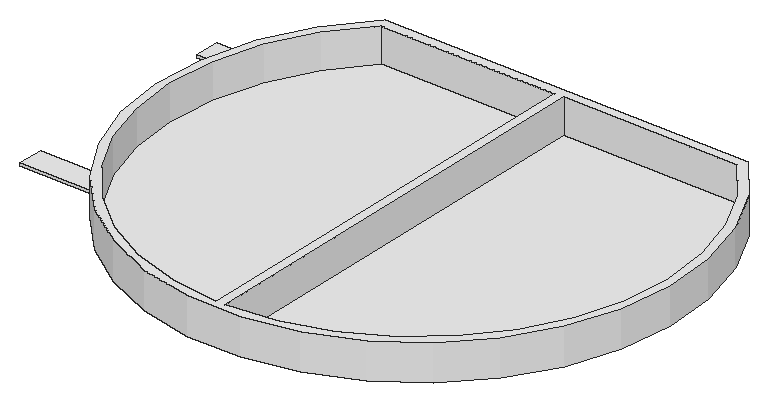
Revit family "Gate-Precision_Ladders-Security_Gate_For_Cage", category Specialty Equipment, host Face, Revit 2014 (continued)
Automatic sketch dimensions
  curve 28 to curve 18 = 0' - 0"
  curve 220 to curve 221 = 0' - 1"
  curve 215 to curve 221 = 0' - 0"
  curve 18 to curve 19 = 0' - 1"
  curve 208 to curve 215 = 0' - 0"
  curve 48 to curve 49 = 0' - 1"
  curve 198 to curve 199 = 0' - 1"
  curve 188 to curve 189 = 0' - 1"
  curve 68 to curve 69 = 0' - 1"
  curve 178 to curve 179 = 0' - 1"
  curve 79 to curve 69 = 0' - 0"
  curve 168 to curve 169 = 0' - 1"
  curve 159 to curve 169 = 0' - 0"
  curve 58 to curve 59 = 0' - 1"
  curve 38 to curve 39 = 0' - 1"
  curve 8 to curve 9 = 0' - 1"
  curve 149 to curve 159 = 0' - 0"
  curve 139 to curve 149 = 0' - 0"
  curve 129 to curve 139 = 0' - 0"
  curve 119 to plane 1 "Center (Front/Back)" = 0' - 0 1/2"
  curve 119 to curve 129 = 0' - 0"
  curve 109 to curve 119 = 0' - 0"
  curve 99 to curve 109 = 0' - 0"
  curve 89 to curve 79 = 0' - 0"
  curve 28 to curve 29 = 0' - 1"
  curve 225 to curve 221 = 0' - 0"
  curve 29 to curve 30 = 0' - 1"
  curve 40 to curve 30 = 0' - 0"
  curve 50 to curve 40 = 0' - 0"
  curve 225 to curve 226 = 0' - 1"
  curve 221 to curve 222 = 0' - 1"
  curve 216 to curve 222 = 0' - 0"
  curve 20 to curve 30 = 0' - 0"
  curve 209 to curve 216 = 0' - 0"
  curve 200 to curve 209 = 0' - 0"
  curve 190 to curve 200 = 0' - 0"
  curve 180 to curve 190 = 0' - 0"
  curve 170 to curve 180 = 0' - 0"
  curve 79 to curve 80 = 0' - 1"
  curve 159 to curve 160 = 0' - 1"
  curve 70 to curve 80 = 0' - 0"
  curve 10 to curve 20 = 0' - 0"
  curve 149 to curve 150 = 0' - 1"
  curve 60 to curve 50 = 0' - 0"
  curve 139 to curve 140 = 0' - 1"
  curve 129 to curve 130 = 0' - 1"
  curve 120 to plane 1 "Center (Front/Back)" = 0' - 0 1/2"
  curve 119 to curve 120 = 0' - 1"
  curve 110 to curve 120 = 0' - 0"
  curve 100 to curve 110 = 0' - 0"
  curve 90 to curve 80 = 0' - 0"
  curve 222 to curve 496 = 0' - 2 1/2"
  curve 490 to curve 496 = 0' - 0"
  curve 483 to curve 490 = 0' - 0"
  curve 474 to curve 483 = 0' - 0"
  curve 464 to curve 474 = 0' - 0"
  curve 454 to curve 464 = 0' - 0"
  curve 444 to curve 454 = 0' - 0"
  curve 434 to curve 444 = 0' - 0"
  curve 424 to curve 434 = 0' - 0"
  plane 6 to curve 284 = 0' - 1"
  curve 10 to curve 284 = 0' - 2 1/2"
  curve 500 to curve 496 = 0' - 0"
  curve 414 to curve 424 = 0' - 0"
  curve 404 to curve 414 = 0' - 0"
  curve 394 to plane 1 "Center (Front/Back)" = 0' - 0 1/2"
  curve 394 to curve 404 = 0' - 0"
  curve 384 to curve 394 = 0' - 0"
  curve 374 to curve 384 = 0' - 0"
  curve 364 to curve 374 = 0' - 0"
  curve 354 to curve 364 = 0' - 0"
  curve 344 to curve 354 = 0' - 0"
  curve 294 to curve 284 = 0' - 0"
  curve 334 to curve 344 = 0' - 0"
  curve 324 to curve 334 = 0' - 0"
  curve 314 to curve 324 = 0' - 0"
  curve 304 to curve 294 = 0' - 0"
  curve 324 to curve 323 = 0' - 1"
  curve 454 to curve 453 = 0' - 1"
  curve 434 to curve 433 = 0' - 1"
  curve 294 to curve 293 = 0' - 1"
  curve 303 to curve 293 = 0' - 0"
  curve 500 to curve 499 = 0' - 1"
  curve 344 to curve 343 = 0' - 1"
  curve 364 to curve 363 = 0' - 1"
  curve 496 to curve 495 = 0' - 1"
  curve 404 to curve 403 = 0' - 1"
  curve 423 to curve 433 = 0' - 0"
  curve 393 to plane 1 "Center (Front/Back)" = 0' - 0 1/2"
  curve 394 to curve 393 = 0' - 1"
  curve 374 to curve 373 = 0' - 1"
  curve 474 to curve 473 = 0' - 1"
  curve 313 to curve 303 = 0' - 0"
  curve 333 to curve 323 = 0' - 0"
  curve 353 to curve 343 = 0' - 0"
  curve 414 to curve 413 = 0' - 1"
  curve 490 to curve 489 = 0' - 1"
  curve 384 to curve 383 = 0' - 1"
  curve 482 to curve 473 = 0' - 0"
  curve 443 to curve 433 = 0' - 0"
  curve 463 to curve 453 = 0' - 0"
  curve 283 to curve 293 = 0' - 0"
  curve 323 to curve 322 = 0' - 1"
  curve 463 to curve 462 = 0' - 1"
  curve 443 to curve 442 = 0' - 1"
  curve 293 to curve 292 = 0' - 1"
  curve 413 to curve 412 = 0' - 1"
  curve 482 to curve 481 = 0' - 1"
  curve 283 to curve 282 = 0' - 1"
  curve 488 to curve 481 = 0' - 0"
  curve 433 to curve 432 = 0' - 1"
  curve 332 to curve 322 = 0' - 0"
  curve 402 to curve 412 = 0' - 0"
  curve 453 to curve 452 = 0' - 1"
  curve 383 to curve 382 = 0' - 1"
  curve 423 to curve 422 = 0' - 1"
  curve 313 to curve 312 = 0' - 1"
  curve 473 to curve 472 = 0' - 1"
  curve 363 to curve 362 = 0' - 1"
  curve 352 to curve 362 = 0' - 0"
  curve 494 to curve 488 = 0' - 0"
  curve 342 to curve 352 = 0' - 0"
  curve 498 to curve 494 = 0' - 0"
  curve 303 to curve 302 = 0' - 1"
  curve 372 to curve 362 = 0' - 0"
  curve 392 to plane 1 "Center (Front/Back)" = 0' - 0 1/2"
  curve 392 to curve 382 = 0' - 0"
  curve 462 to curve 461 = 0' - 1"
  curve 471 to curve 461 = 0' - 0"
  curve 342 to curve 341 = 0' - 1"
  curve 282 to curve 281 = 0' - 1"
  curve 352 to curve 351 = 0' - 1"
  curve 382 to curve 381 = 0' - 1"
  curve 332 to curve 331 = 0' - 1"
  curve 412 to curve 411 = 0' - 1"
  curve 488 to curve 487 = 0' - 1"
  curve 322 to curve 321 = 0' - 1"
  curve 442 to curve 441 = 0' - 1"
  curve 451 to curve 441 = 0' - 0"
  curve 493 to curve 487 = 0' - 0"
  curve 311 to curve 321 = 0' - 0"
  curve 362 to curve 361 = 0' - 1"
  curve 421 to curve 411 = 0' - 0"
  curve 497 to curve 493 = 0' - 0"
  curve 291 to curve 281 = 0' - 0"
  curve 401 to curve 411 = 0' - 0"
  curve 301 to curve 291 = 0' - 0"
  curve 391 to plane 1 "Center (Front/Back)" = 0' - 0 1/2"
  curve 391 to curve 381 = 0' - 0"
  curve 481 to curve 480 = 0' - 1"
  curve 431 to curve 441 = 0' - 0"
  curve 372 to curve 371 = 0' - 1"
  curve 371 to curve 370 = 0' - 1"
  curve 281 to curve 280 = 0' - 1"
  curve 360 to curve 370 = 0' - 0"
  curve 290 to curve 280 = 0' - 0"
  curve 461 to curve 460 = 0' - 1"
  curve 450 to curve 460 = 0' - 0"
  curve 401 to curve 400 = 0' - 1"
  curve 350 to curve 360 = 0' - 0"
  curve 431 to curve 430 = 0' - 1"
  curve 381 to curve 380 = 0' - 1"
  curve 340 to curve 350 = 0' - 0"
  curve 480 to curve 479 = 0' - 1"
  curve 330 to curve 340 = 0' - 0"
  curve 411 to curve 410 = 0' - 1"
  curve 487 to curve 486 = 0' - 1"
  curve 320 to curve 330 = 0' - 0"
  curve 493 to curve 492 = 0' - 1"
  curve 440 to curve 430 = 0' - 0"
  curve 310 to curve 320 = 0' - 0"
  curve 390 to plane 1 "Center (Front/Back)" = 0' - 0 1/2"
  curve 391 to curve 390 = 0' - 1"
  curve 300 to curve 290 = 0' - 0"
  curve 470 to curve 479 = 0' - 0"
  curve 420 to curve 410 = 0' - 0"
  curve 440 to curve 439 = 0' - 1"
  curve 290 to curve 289 = 0' - 1"
  curve 380 to curve 379 = 0' - 1"
  curve 450 to curve 449 = 0' - 1"
  curve 369 to curve 379 = 0' - 0"
  curve 400 to curve 399 = 0' - 1"
  curve 300 to curve 299 = 0' - 1"
  curve 460 to curve 459 = 0' - 1"
  curve 359 to curve 369 = 0' - 0"
  curve 349 to curve 359 = 0' - 0"
  curve 280 to curve 279 = 0' - 1"
  curve 430 to curve 429 = 0' - 1"
  curve 470 to curve 469 = 0' - 1"
  curve 339 to curve 349 = 0' - 0"
  curve 478 to curve 469 = 0' - 0"
  curve 409 to curve 399 = 0' - 0"
  curve 329 to curve 339 = 0' - 0"
  curve 485 to curve 478 = 0' - 0"
  curve 320 to curve 319 = 0' - 1"
  curve 491 to curve 485 = 0' - 0"
  curve 310 to curve 309 = 0' - 1"
  curve 389 to plane 1 "Center (Front/Back)" = 0' - 0 1/2"
  curve 389 to curve 379 = 0' - 0"
  curve 420 to curve 419 = 0' - 1"
  curve 459 to curve 458 = 0' - 1"
  curve 419 to curve 418 = 0' - 1"
  curve 309 to curve 308 = 0' - 1"
  curve 318 to curve 308 = 0' - 0"
  curve 485 to curve 484 = 0' - 1"
  curve 408 to curve 418 = 0' - 0"
  curve 329 to curve 328 = 0' - 1"
  curve 478 to curve 477 = 0' - 1"
  curve 279 to curve 278 = 0' - 1"
  curve 339 to curve 338 = 0' - 1"
  curve 468 to curve 477 = 0' - 0"
  curve 428 to curve 418 = 0' - 0"
  curve 349 to curve 348 = 0' - 1"
  curve 359 to curve 358 = 0' - 1"
  curve 398 to curve 408 = 0' - 0"
  curve 298 to curve 308 = 0' - 0"
  curve 369 to curve 368 = 0' - 1"
  curve 448 to curve 458 = 0' - 0"
  curve 378 to curve 368 = 0' - 0"
  curve 388 to plane 1 "Center (Front/Back)" = 0' - 0 1/2"
  curve 388 to curve 378 = 0' - 0"
  curve 288 to curve 278 = 0' - 0"
  curve 438 to curve 428 = 0' - 0"
  curve 438 to curve 437 = 0' - 1"
  curve 308 to curve 307 = 0' - 1"
  curve 387 to plane 1 "Center (Front/Back)" = 0' - 0 1/2"
  curve 388 to curve 387 = 0' - 1"
  curve 297 to curve 307 = 0' - 0"
  curve 317 to curve 307 = 0' - 0"
  curve 278 to curve 277 = 0' - 1"
  curve 327 to curve 317 = 0' - 0"
  curve 408 to curve 407 = 0' - 1"
  curve 447 to curve 437 = 0' - 0"
  curve 477 to curve 476 = 0' - 1"
  curve 378 to curve 377 = 0' - 1"
  curve 337 to curve 327 = 0' - 0"
  curve 347 to curve 337 = 0' - 0"
  curve 427 to curve 437 = 0' - 0"
  curve 367 to curve 377 = 0' - 0"
  curve 467 to curve 476 = 0' - 0"
  curve 357 to curve 347 = 0' - 0"
  curve 287 to curve 277 = 0' - 0"
  curve 457 to curve 447 = 0' - 0"
  curve 398 to curve 397 = 0' - 1"
  curve 418 to curve 417 = 0' - 1"
  curve 457 to curve 456 = 0' - 1"
  curve 437 to curve 436 = 0' - 1"
  curve 357 to curve 356 = 0' - 1"
  curve 417 to curve 416 = 0' - 1"
  curve 386 to plane 1 "Center (Front/Back)" = 0' - 0 1/2"
  curve 387 to curve 386 = 0' - 1"
  curve 317 to curve 316 = 0' - 1"
  curve 467 to curve 466 = 0' - 1"
  curve 366 to curve 356 = 0' - 0"
  curve 396 to curve 386 = 0' - 0"
  curve 277 to curve 276 = 0' - 1"
  curve 346 to curve 356 = 0' - 0"
  curve 297 to curve 296 = 0' - 1"
  curve 427 to curve 426 = 0' - 1"
  curve 376 to curve 386 = 0' - 0"
  curve 326 to curve 316 = 0' - 0"
  curve 476 to curve 475 = 0' - 1"
  curve 287 to curve 286 = 0' - 1"
  curve 406 to curve 396 = 0' - 0"
  curve 336 to curve 346 = 0' - 0"
  curve 447 to curve 446 = 0' - 1"
  curve 307 to curve 306 = 0' - 1"
  curve 336 to curve 335 = 0' - 1"
  curve 446 to curve 445 = 0' - 1"
  curve 435 to curve 445 = 0' - 0"
  curve 396 to curve 395 = 0' - 1"
  curve 425 to curve 435 = 0' - 0"
  curve 326 to curve 325 = 0' - 1"
  curve 346 to curve 345 = 0' - 1"
  curve 415 to curve 425 = 0' - 0"
  curve 385 to plane 1 "Center (Front/Back)" = 0' - 0 1/2"
  curve 386 to curve 385 = 0' - 1"
  curve 376 to curve 375 = 0' - 1"
  curve 466 to curve 465 = 0' - 1"
  curve 315 to curve 325 = 0' - 0"
  curve 405 to curve 395 = 0' - 0"
  curve 356 to curve 355 = 0' - 1"
  curve 455 to curve 445 = 0' - 0"
  curve 276 to curve 275 = 0' - 1"
  curve 296 to curve 295 = 0' - 1"
  curve 305 to curve 295 = 0' - 0"
  curve 366 to curve 365 = 0' - 1"
  curve 285 to curve 275 = 0' - 0"
  curve 285 to curve 501 = 0' - 1"
  curve 405 to curve 535 = 0' - 1"
  curve 503 to curve 501 = 0' - 0"
  curve 529 to plane 1 "Center (Front/Back)" = 0' - 0 1/2"
  curve 385 to curve 529 = 0' - 1"
  curve 505 to curve 503 = 0' - 0"
  curve 455 to curve 544 = 0' - 1"
  curve 526 to curve 529 = 0' - 0"
  curve 508 to curve 505 = 0' - 0"
  curve 543 to curve 544 = 0' - 0"
  curve 415 to curve 538 = 0' - 1"
  curve 511 to curve 508 = 0' - 0"
  curve 542 to curve 543 = 0' - 0"
  curve 523 to curve 526 = 0' - 0"
  curve 514 to curve 511 = 0' - 0"
  curve 520 to curve 523 = 0' - 0"
  curve 425 to curve 540 = 0' - 1"
  curve 517 to curve 514 = 0' - 0"
  curve 395 to curve 532 = 0' - 1"
  curve 520 to curve 519 = 0' - 1"
  curve 542 to curve 541 = 0' - 1"
  curve 539 to curve 541 = 0' - 0"
  curve 522 to curve 519 = 0' - 0"
  curve 514 to curve 513 = 0' - 1"
  curve 511 to curve 510 = 0' - 1"
  curve 525 to curve 522 = 0' - 0"
  curve 508 to curve 507 = 0' - 1"
  curve 537 to curve 539 = 0' - 0"
  curve 528 to plane 1 "Center (Front/Back)" = 0' - 0 1/2"
  curve 528 to curve 525 = 0' - 0"
  curve 505 to curve 504 = 0' - 1"
  curve 503 to curve 502 = 0' - 1"
  curve 531 to curve 528 = 0' - 0"
  curve 516 to curve 513 = 0' - 0"
  curve 534 to curve 531 = 0' - 0"
  curve 534 to curve 533 = 0' - 1"
  curve 531 to curve 530 = 0' - 1"
  curve 536 to curve 533 = 0' - 0"
  curve 527 to plane 1 "Center (Front/Back)" = 0' - 0 1/2"
  curve 528 to curve 527 = 0' - 1"
  curve 525 to curve 524 = 0' - 1"
  curve 522 to curve 521 = 0' - 1"
  curve 519 to curve 518 = 0' - 1"
  curve 516 to curve 515 = 0' - 1"
  curve 513 to curve 512 = 0' - 1"
  curve 509 to curve 512 = 0' - 0"
  curve 506 to curve 509 = 0' - 0"
  curve 521 to curve 546 = 0' - 1"
  curve 547 to curve 546 = 0' - 0"
  curve 548 to plane 1 "Center (Front/Back)" = 0' - 0 1/2"
  curve 548 to curve 547 = 0' - 0"
  curve 545 to curve 546 = 0' - 0"
  plane 1 "Center (Front/Back)" to curve 532 = 0' - 0 1/2"
  plane 1 "Center (Front/Back)" to curve 395 = 0' - 0 1/2"
  plane 1 "Center (Front/Back)" to curve 396 = 0' - 0 1/2"
  plane 1 "Center (Front/Back)" to curve 397 = 0' - 0 1/2"
  plane 1 "Center (Front/Back)" to curve 398 = 0' - 0 1/2"
  plane 1 "Center (Front/Back)" to curve 399 = 0' - 0 1/2"
  plane 1 "Center (Front/Back)" to curve 400 = 0' - 0 1/2"
  plane 1 "Center (Front/Back)" to curve 401 = 0' - 0 1/2"
  plane 1 "Center (Front/Back)" to curve 402 = 0' - 0 1/2"
  plane 1 "Center (Front/Back)" to curve 403 = 0' - 0 1/2"
  plane 1 "Center (Front/Back)" to curve 404 = 0' - 0 1/2"
  plane 1 "Center (Front/Back)" to curve 256 = 0' - 0 1/2"
  plane 1 "Center (Front/Back)" to curve 257 = 0' - 0 1/2"
  plane 1 "Center (Front/Back)" to curve 258 = 0' - 0 1/2"
  plane 1 "Center (Front/Back)" to curve 530 = 0' - 0 1/2"
  plane 1 "Center (Front/Back)" to curve 531 = 0' - 0 1/2"
  plane 1 "Center (Front/Back)" to curve 121 = 0' - 0 1/2"
  plane 1 "Center (Front/Back)" to curve 122 = 0' - 0 1/2"
  plane 1 "Center (Front/Back)" to curve 123 = 0' - 0 1/2"
  plane 1 "Center (Front/Back)" to curve 124 = 0' - 0 1/2"
  plane 1 "Center (Front/Back)" to curve 125 = 0' - 0 1/2"
  plane 1 "Center (Front/Back)" to curve 126 = 0' - 0 1/2"
  plane 1 "Center (Front/Back)" to curve 127 = 0' - 0 1/2"
  plane 1 "Center (Front/Back)" to curve 128 = 0' - 0 1/2"
  plane 1 "Center (Front/Back)" to curve 129 = 0' - 0 1/2"
  plane 1 "Center (Front/Back)" to curve 130 = 0' - 0 1/2"
  curve 411 to curve 401 = 0' - 1"
  curve 259 to curve 256 = 0' - 1"
  curve 140 to curve 130 = 0' - 1"
  curve 139 to curve 140 = 0' - 0"
  curve 138 to curve 128 = 0' - 1"
  curve 137 to curve 127 = 0' - 1"
  curve 136 to curve 137 = 0' - 0"
  curve 135 to curve 125 = 0' - 1"
  curve 134 to curve 124 = 0' - 1"
  curve 535 to curve 532 = 0' - 1"
  curve 534 to curve 531 = 0' - 1"
  curve 533 to curve 530 = 0' - 1"
  curve 133 to curve 134 = 0' - 0"
  curve 132 to curve 122 = 0' - 1"
  curve 131 to curve 121 = 0' - 1"
  curve 409 to curve 399 = 0' - 1"
  curve 408 to curve 398 = 0' - 1"
  curve 408 to curve 407 = 0' - 0"
  curve 414 to curve 404 = 0' - 1"
  curve 414 to curve 413 = 0' - 0"
  curve 412 to curve 402 = 0' - 1"
  curve 411 to curve 410 = 0' - 0"
  curve 406 to curve 396 = 0' - 1"
  curve 405 to curve 535 = 0' - 0"
  curve 261 to curve 131 = 0' - 0"
  curve 260 to curve 257 = 0' - 1"
  curve 424 to curve 414 = 0' - 1"
  curve 262 to curve 259 = 0' - 1"
  curve 263 to curve 260 = 0' - 1"
  curve 264 to curve 261 = 0' - 1"
  curve 415 to curve 405 = 0' - 1"
  curve 416 to curve 406 = 0' - 1"
  curve 417 to curve 407 = 0' - 1"
  curve 418 to curve 417 = 0' - 0"
  curve 419 to curve 409 = 0' - 1"
  curve 536 to curve 533 = 0' - 1"
  curve 537 to curve 534 = 0' - 1"
  curve 415 to curve 538 = 0' - 0"
  curve 420 to curve 419 = 0' - 0"
  curve 421 to curve 411 = 0' - 1"
  curve 422 to curve 412 = 0' - 1"
  curve 423 to curve 422 = 0' - 0"
  curve 264 to curve 141 = 0' - 0"
  curve 142 to curve 132 = 0' - 1"
  curve 143 to curve 133 = 0' - 1"
  curve 143 to curve 144 = 0' - 0"
  curve 145 to curve 135 = 0' - 1"
  curve 146 to curve 136 = 0' - 1"
  curve 146 to curve 147 = 0' - 0"
  curve 148 to curve 138 = 0' - 1"
  curve 149 to curve 139 = 0' - 1"
  curve 149 to curve 150 = 0' - 0"
  curve 425 to curve 415 = 0' - 1"
  curve 425 to curve 540 = 0' - 0"
  curve 539 to curve 537 = 0' - 1"
  curve 266 to curve 264 = 0' - 1"
  curve 160 to curve 150 = 0' - 1"
  curve 159 to curve 160 = 0' - 0"
  curve 158 to curve 148 = 0' - 1"
  curve 157 to curve 147 = 0' - 1"
  curve 156 to curve 157 = 0' - 0"
  curve 155 to curve 145 = 0' - 1"
  curve 154 to curve 144 = 0' - 1"
  curve 153 to curve 154 = 0' - 0"
  curve 152 to curve 142 = 0' - 1"
  curve 266 to curve 151 = 0' - 0"
  curve 265 to curve 263 = 0' - 1"
  curve 426 to curve 416 = 0' - 1"
  curve 427 to curve 426 = 0' - 0"
  curve 428 to curve 418 = 0' - 1"
  curve 429 to curve 419 = 0' - 1"
  curve 430 to curve 429 = 0' - 0"
  curve 431 to curve 421 = 0' - 1"
  curve 432 to curve 422 = 0' - 1"
  curve 433 to curve 432 = 0' - 0"
  curve 434 to curve 424 = 0' - 1"
  curve 436 to curve 426 = 0' - 1"
  curve 444 to curve 434 = 0' - 1"
  curve 542 to curve 540 = 0' - 1"
  curve 542 to curve 541 = 0' - 0"
  curve 163 to curve 153 = 0' - 1"
  curve 162 to curve 152 = 0' - 1"
  curve 437 to curve 436 = 0' - 0"
  curve 438 to curve 428 = 0' - 1"
  curve 439 to curve 429 = 0' - 1"
  curve 440 to curve 439 = 0' - 0"
  curve 163 to curve 164 = 0' - 0"
  curve 435 to curve 425 = 0' - 1"
  curve 268 to curve 266 = 0' - 1"
  curve 267 to curve 265 = 0' - 1"
  curve 268 to curve 161 = 0' - 0"
  curve 165 to curve 155 = 0' - 1"
  curve 170 to curve 160 = 0' - 1"
  curve 169 to curve 159 = 0' - 1"
  curve 168 to curve 169 = 0' - 0"
  curve 167 to curve 157 = 0' - 1"
  curve 441 to curve 431 = 0' - 1"
  curve 442 to curve 432 = 0' - 1"
  curve 443 to curve 442 = 0' - 0"
  curve 166 to curve 167 = 0' - 0"
  curve 445 to curve 435 = 0' - 1"
  curve 446 to curve 436 = 0' - 1"
  curve 447 to curve 446 = 0' - 0"
  curve 448 to curve 438 = 0' - 1"
  curve 449 to curve 439 = 0' - 1"
  curve 450 to curve 449 = 0' - 0"
  curve 451 to curve 441 = 0' - 1"
  curve 176 to curve 166 = 0' - 1"
  curve 452 to curve 442 = 0' - 1"
  curve 453 to curve 452 = 0' - 0"
  curve 454 to curve 444 = 0' - 1"
  curve 171 to curve 161 = 0' - 1"
  curve 172 to curve 162 = 0' - 1"
  curve 173 to curve 163 = 0' - 1"
  curve 173 to curve 174 = 0' - 0"
  curve 269 to curve 171 = 0' - 0"
  curve 180 to curve 170 = 0' - 1"
  curve 179 to curve 169 = 0' - 1"
  curve 178 to curve 179 = 0' - 0"
  curve 177 to curve 167 = 0' - 1"
  curve 543 to curve 542 = 0' - 1"
  curve 175 to curve 176 = 0' - 0"
  curve 270 to curve 269 = 0' - 1"
  curve 456 to curve 446 = 0' - 1"
  curve 544 to curve 543 = 0' - 1"
  curve 464 to curve 454 = 0' - 1"
  curve 463 to curve 453 = 0' - 1"
  curve 463 to curve 462 = 0' - 0"
  curve 461 to curve 451 = 0' - 1"
  curve 460 to curve 450 = 0' - 1"
  curve 460 to curve 459 = 0' - 0"
  curve 458 to curve 448 = 0' - 1"
  curve 457 to curve 456 = 0' - 0"
  curve 270 to curve 181 = 0' - 0"
  curve 182 to curve 172 = 0' - 1"
  curve 182 to curve 183 = 0' - 0"
  curve 184 to curve 174 = 0' - 1"
  curve 185 to curve 175 = 0' - 1"
  curve 185 to curve 186 = 0' - 0"
  curve 187 to curve 177 = 0' - 1"
  curve 188 to curve 178 = 0' - 1"
  curve 188 to curve 189 = 0' - 0"
  curve 190 to curve 180 = 0' - 1"
  curve 455 to curve 445 = 0' - 1"
  curve 192 to curve 182 = 0' - 1"
  curve 192 to curve 193 = 0' - 0"
  curve 194 to curve 184 = 0' - 1"
  curve 195 to curve 185 = 0' - 1"
  curve 195 to curve 196 = 0' - 0"
  curve 197 to curve 187 = 0' - 1"
  curve 198 to curve 188 = 0' - 1"
  curve 191 to curve 181 = 0' - 1"
  curve 473 to curve 463 = 0' - 1"
  curve 198 to curve 199 = 0' - 0"
  curve 471 to curve 461 = 0' - 1"
  curve 200 to curve 190 = 0' - 1"
  curve 474 to curve 464 = 0' - 1"
  curve 473 to curve 472 = 0' - 0"
  curve 470 to curve 460 = 0' - 1"
  curve 470 to curve 469 = 0' - 0"
  curve 468 to curve 458 = 0' - 1"
  curve 465 to curve 455 = 0' - 1"
  curve 466 to curve 456 = 0' - 1"
  curve 467 to curve 466 = 0' - 0"
  curve 209 to curve 200 = 0' - 1"
  curve 208 to curve 199 = 0' - 1"
  curve 207 to curve 198 = 0' - 1"
  curve 203 to curve 194 = 0' - 1"
  curve 206 to curve 207 = 0' - 0"
  curve 201 to curve 192 = 0' - 1"
  curve 205 to curve 196 = 0' - 1"
  curve 475 to curve 466 = 0' - 1"
  curve 476 to curve 475 = 0' - 0"
  curve 477 to curve 468 = 0' - 1"
  curve 478 to curve 477 = 0' - 0"
  curve 479 to curve 470 = 0' - 1"
  curve 480 to curve 471 = 0' - 1"
  curve 481 to curve 480 = 0' - 0"
  curve 482 to curve 473 = 0' - 1"
  curve 483 to curve 474 = 0' - 1"
  curve 203 to curve 204 = 0' - 0"
  curve 201 to curve 202 = 0' - 0"
  curve 486 to curve 479 = 0' - 1"
  curve 487 to curve 486 = 0' - 0"
  curve 488 to curve 481 = 0' - 1"
  curve 489 to curve 482 = 0' - 1"
  curve 490 to curve 489 = 0' - 0"
  curve 485 to curve 478 = 0' - 1"
  curve 215 to curve 208 = 0' - 1"
  curve 214 to curve 207 = 0' - 1"
  curve 213 to curve 214 = 0' - 0"
  curve 212 to curve 205 = 0' - 1"
  curve 211 to curve 204 = 0' - 1"
  curve 210 to curve 211 = 0' - 0"
  curve 216 to curve 209 = 0' - 1"
  curve 484 to curve 477 = 0' - 1"
  curve 491 to curve 485 = 0' - 1"
  curve 496 to curve 490 = 0' - 1"
  curve 492 to curve 486 = 0' - 1"
  curve 493 to curve 492 = 0' - 0"
  curve 217 to curve 211 = 0' - 1"
  curve 218 to curve 212 = 0' - 1"
  curve 219 to curve 213 = 0' - 1"
  curve 219 to curve 220 = 0' - 0"
  curve 221 to curve 215 = 0' - 1"
  curve 221 to curve 222 = 0' - 0"
  curve 494 to curve 488 = 0' - 1"
  curve 496 to curve 495 = 0' - 0"
  curve 500 to curve 496 = 0' - 1"
  curve 497 to curve 493 = 0' - 1"
  curve 224 to curve 220 = 0' - 1"
  curve 223 to curve 224 = 0' - 0"
  curve 498 to curve 494 = 0' - 1"
  curve 500 to curve 499 = 0' - 0"
  curve 225 to curve 221 = 0' - 1"
  curve 226 to curve 222 = 0' - 1"
  curve 548 to curve 547 = 0' - 1"
  curve 385 to curve 375 = 0' - 1"
  curve 274 to curve 273 = 0' - 1"
  curve 255 to curve 252 = 0' - 1"
  curve 376 to curve 375 = 0' - 0"
  curve 387 to curve 377 = 0' - 1"
  curve 529 to curve 526 = 0' - 1"
  curve 528 to curve 525 = 0' - 1"
  curve 525 to curve 524 = 0' - 0"
  curve 378 to curve 377 = 0' - 0"
  curve 389 to curve 379 = 0' - 1"
  curve 390 to curve 380 = 0' - 1"
  curve 381 to curve 380 = 0' - 0"
  curve 392 to curve 382 = 0' - 1"
  curve 393 to curve 383 = 0' - 1"
  curve 384 to curve 383 = 0' - 0"
  curve 254 to curve 251 = 0' - 1"
  curve 250 to curve 251 = 0' - 0"
  curve 120 to curve 110 = 0' - 1"
  curve 119 to curve 109 = 0' - 1"
  curve 118 to curve 108 = 0' - 1"
  curve 107 to curve 108 = 0' - 0"
  curve 116 to curve 106 = 0' - 1"
  curve 115 to curve 105 = 0' - 1"
  curve 104 to curve 105 = 0' - 0"
  curve 113 to curve 103 = 0' - 1"
  curve 112 to curve 102 = 0' - 1"
  curve 101 to curve 102 = 0' - 0"
  curve 104 to curve 94 = 0' - 1"
  curve 94 to curve 95 = 0' - 0"
  curve 106 to curve 96 = 0' - 1"
  curve 107 to curve 97 = 0' - 1"
  curve 97 to curve 98 = 0' - 0"
  curve 109 to curve 99 = 0' - 1"
  curve 110 to curve 100 = 0' - 1"
  curve 103 to curve 93 = 0' - 1"
  curve 102 to curve 92 = 0' - 1"
  curve 91 to curve 92 = 0' - 0"
  curve 376 to curve 366 = 0' - 1"
  curve 377 to curve 367 = 0' - 1"
  curve 378 to curve 368 = 0' - 1"
  curve 369 to curve 368 = 0' - 0"
  curve 380 to curve 370 = 0' - 1"
  curve 381 to curve 371 = 0' - 1"
  curve 372 to curve 371 = 0' - 0"
  curve 383 to curve 373 = 0' - 1"
  curve 374 to curve 373 = 0' - 0"
  curve 273 to curve 272 = 0' - 1"
  curve 547 to curve 546 = 0' - 1"
  curve 250 to curve 247 = 0' - 1"
  curve 251 to curve 248 = 0' - 1"
  curve 248 to curve 249 = 0' - 0"
  curve 526 to curve 523 = 0' - 1"
  curve 525 to curve 522 = 0' - 1"
  curve 522 to curve 521 = 0' - 0"
  curve 366 to curve 365 = 0' - 0"
  curve 522 to curve 519 = 0' - 1"
  curve 523 to curve 520 = 0' - 1"
  curve 91 to curve 81 = 0' - 1"
  curve 81 to curve 82 = 0' - 0"
  curve 93 to curve 83 = 0' - 1"
  curve 546 to curve 545 = 0' - 1"
  curve 249 to curve 246 = 0' - 1"
  curve 245 to curve 246 = 0' - 0"
  curve 247 to curve 244 = 0' - 1"
  curve 272 to curve 271 = 0' - 1"
  curve 94 to curve 84 = 0' - 1"
  curve 84 to curve 85 = 0' - 0"
  curve 96 to curve 86 = 0' - 1"
  curve 97 to curve 87 = 0' - 1"
  curve 87 to curve 88 = 0' - 0"
  curve 99 to curve 89 = 0' - 1"
  curve 100 to curve 90 = 0' - 1"
  curve 519 to curve 518 = 0' - 0"
  curve 374 to curve 364 = 0' - 1"
  curve 373 to curve 363 = 0' - 1"
  curve 372 to curve 362 = 0' - 1"
  curve 362 to curve 361 = 0' - 0"
  curve 370 to curve 360 = 0' - 1"
  curve 369 to curve 359 = 0' - 1"
  curve 359 to curve 358 = 0' - 0"
  curve 367 to curve 357 = 0' - 1"
  curve 366 to curve 356 = 0' - 1"
  curve 356 to curve 355 = 0' - 0"
  curve 364 to curve 354 = 0' - 1"
  curve 363 to curve 353 = 0' - 1"
  curve 362 to curve 352 = 0' - 1"
  curve 352 to curve 351 = 0' - 0"
  curve 360 to curve 350 = 0' - 1"
  curve 359 to curve 349 = 0' - 1"
  curve 349 to curve 348 = 0' - 0"
  curve 357 to curve 347 = 0' - 1"
  curve 356 to curve 346 = 0' - 1"
  curve 346 to curve 345 = 0' - 0"
  curve 89 to curve 79 = 0' - 1"
  curve 88 to curve 78 = 0' - 1"
  curve 77 to curve 78 = 0' - 0"
  curve 86 to curve 76 = 0' - 1"
  curve 75 to curve 76 = 0' - 0"
  curve 84 to curve 74 = 0' - 1"
  curve 83 to curve 73 = 0' - 1"
  curve 244 to curve 241 = 0' - 1"
  curve 245 to curve 242 = 0' - 1"
  curve 242 to curve 243 = 0' - 0"
  curve 520 to curve 517 = 0' - 1"
  curve 519 to curve 516 = 0' - 1"
  curve 516 to curve 515 = 0' - 0"
  curve 72 to curve 73 = 0' - 0"
  curve 81 to curve 71 = 0' - 1"
  curve 90 to curve 80 = 0' - 1"
  curve 515 to curve 512 = 0' - 1"
  curve 72 to curve 62 = 0' - 1"
  curve 62 to curve 63 = 0' - 0"
  curve 74 to curve 64 = 0' - 1"
  curve 75 to curve 65 = 0' - 1"
  curve 65 to curve 66 = 0' - 0"
  curve 77 to curve 67 = 0' - 1"
  curve 78 to curve 68 = 0' - 1"
  curve 68 to curve 69 = 0' - 0"
  curve 80 to curve 70 = 0' - 1"
  curve 513 to curve 512 = 0' - 0"
  curve 517 to curve 514 = 0' - 1"
  curve 345 to curve 335 = 0' - 1"
  curve 336 to curve 335 = 0' - 0"
  curve 347 to curve 337 = 0' - 1"
  curve 243 to curve 240 = 0' - 1"
  curve 239 to curve 240 = 0' - 0"
  curve 241 to curve 238 = 0' - 1"
  curve 348 to curve 338 = 0' - 1"
  curve 339 to curve 338 = 0' - 0"
  curve 350 to curve 340 = 0' - 1"
  curve 351 to curve 341 = 0' - 1"
  curve 342 to curve 341 = 0' - 0"
  curve 353 to curve 343 = 0' - 1"
  curve 354 to curve 344 = 0' - 1"
  curve 71 to curve 61 = 0' - 1"
  curve 336 to curve 326 = 0' - 1"
  curve 240 to curve 237 = 0' - 1"
  curve 236 to curve 237 = 0' - 0"
  curve 238 to curve 235 = 0' - 1"
  curve 337 to curve 327 = 0' - 1"
  curve 338 to curve 328 = 0' - 1"
  curve 512 to curve 509 = 0' - 1"
  curve 513 to curve 510 = 0' - 1"
  curve 511 to curve 510 = 0' - 0"
  curve 329 to curve 328 = 0' - 0"
  curve 340 to curve 330 = 0' - 1"
  curve 341 to curve 331 = 0' - 1"
  curve 332 to curve 331 = 0' - 0"
  curve 343 to curve 333 = 0' - 1"
  curve 61 to curve 51 = 0' - 1"
  curve 62 to curve 52 = 0' - 1"
  curve 52 to curve 53 = 0' - 0"
  curve 64 to curve 54 = 0' - 1"
  curve 65 to curve 55 = 0' - 1"
  curve 55 to curve 56 = 0' - 0"
  curve 67 to curve 57 = 0' - 1"
  curve 68 to curve 58 = 0' - 1"
  curve 58 to curve 59 = 0' - 0"
  curve 70 to curve 60 = 0' - 1"
  curve 344 to curve 334 = 0' - 1"
  curve 326 to curve 325 = 0' - 0"
  curve 59 to curve 49 = 0' - 1"
  curve 48 to curve 49 = 0' - 0"
  curve 57 to curve 47 = 0' - 1"
  curve 56 to curve 46 = 0' - 1"
  curve 45 to curve 46 = 0' - 0"
  curve 54 to curve 44 = 0' - 1"
  curve 52 to curve 42 = 0' - 1"
  curve 51 to curve 41 = 0' - 1"
  curve 511 to curve 508 = 0' - 1"
  curve 235 to curve 232 = 0' - 1"
  curve 236 to curve 233 = 0' - 1"
  curve 233 to curve 234 = 0' - 0"
  curve 325 to curve 315 = 0' - 1"
  curve 326 to curve 316 = 0' - 1"
  curve 508 to curve 507 = 0' - 0"
  curve 317 to curve 316 = 0' - 0"
  curve 328 to curve 318 = 0' - 1"
  curve 329 to curve 319 = 0' - 1"
  curve 320 to curve 319 = 0' - 0"
  curve 331 to curve 321 = 0' - 1"
  curve 322 to curve 321 = 0' - 0"
  curve 333 to curve 323 = 0' - 1"
  curve 334 to curve 324 = 0' - 1"
  curve 60 to curve 50 = 0' - 1"
  curve 42 to curve 43 = 0' - 0"
  curve 509 to curve 506 = 0' - 1"
  curve 233 to curve 230 = 0' - 1"
  curve 508 to curve 505 = 0' - 1"
  curve 505 to curve 504 = 0' - 0"
  curve 324 to curve 314 = 0' - 1"
  curve 41 to curve 31 = 0' - 1"
  curve 42 to curve 32 = 0' - 1"
  curve 32 to curve 33 = 0' - 0"
  curve 44 to curve 34 = 0' - 1"
  curve 45 to curve 35 = 0' - 1"
  curve 35 to curve 36 = 0' - 0"
  curve 47 to curve 37 = 0' - 1"
  curve 315 to curve 305 = 0' - 1"
  curve 316 to curve 306 = 0' - 1"
  curve 307 to curve 306 = 0' - 0"
  curve 318 to curve 308 = 0' - 1"
  curve 319 to curve 309 = 0' - 1"
  curve 310 to curve 309 = 0' - 0"
  curve 321 to curve 311 = 0' - 1"
  curve 48 to curve 38 = 0' - 1"
  curve 322 to curve 312 = 0' - 1"
  curve 313 to curve 312 = 0' - 0"
  curve 50 to curve 40 = 0' - 1"
  curve 38 to curve 39 = 0' - 0"
  curve 230 to curve 231 = 0' - 0"
  curve 314 to curve 304 = 0' - 1"
  curve 313 to curve 303 = 0' - 1"
  curve 303 to curve 302 = 0' - 0"
  curve 311 to curve 301 = 0' - 1"
  curve 310 to curve 300 = 0' - 1"
  curve 300 to curve 299 = 0' - 0"
  curve 308 to curve 298 = 0' - 1"
  curve 40 to curve 30 = 0' - 1"
  curve 39 to curve 29 = 0' - 1"
  curve 28 to curve 29 = 0' - 0"
  curve 37 to curve 27 = 0' - 1"
  curve 36 to curve 26 = 0' - 1"
  curve 25 to curve 26 = 0' - 0"
  curve 34 to curve 24 = 0' - 1"
  curve 33 to curve 23 = 0' - 1"
  curve 22 to curve 23 = 0' - 0"
  curve 31 to curve 21 = 0' - 1"
  curve 307 to curve 297 = 0' - 1"
  curve 230 to curve 228 = 0' - 1"
  curve 504 to curve 502 = 0' - 1"
  curve 503 to curve 502 = 0' - 0"
  curve 297 to curve 296 = 0' - 0"
  curve 305 to curve 295 = 0' - 1"
  curve 228 to curve 229 = 0' - 0"
  curve 503 to curve 501 = 0' - 1"
  curve 30 to curve 20 = 0' - 1"
  curve 296 to curve 286 = 0' - 1"
  curve 287 to curve 286 = 0' - 0"
  curve 298 to curve 288 = 0' - 1"
  curve 299 to curve 289 = 0' - 1"
  curve 290 to curve 289 = 0' - 0"
  curve 301 to curve 291 = 0' - 1"
  curve 302 to curve 292 = 0' - 1"
  curve 293 to curve 292 = 0' - 0"
  curve 294 to curve 284 = 0' - 1"
  curve 295 to curve 285 = 0' - 1"
  curve 21 to curve 11 = 0' - 1"
  curve 22 to curve 12 = 0' - 1"
  curve 12 to curve 13 = 0' - 0"
  curve 24 to curve 14 = 0' - 1"
  curve 25 to curve 15 = 0' - 1"
  curve 15 to curve 16 = 0' - 0"
  curve 27 to curve 17 = 0' - 1"
  curve 28 to curve 18 = 0' - 1"
  curve 18 to curve 19 = 0' - 0"
  curve 227 to curve 11 = 0' - 0"
  plane 6 to curve 278 = 0' - 1"
  plane 6 to curve 279 = 0' - 1"
  plane 6 to curve 280 = 0' - 1"
  plane 6 to curve 281 = 0' - 1"
  plane 6 to curve 282 = 0' - 1"
  plane 6 to curve 283 = 0' - 1"
  plane 6 to curve 10 = 0' - 1"
  plane 6 to curve 9 = 0' - 1"
  plane 6 to curve 8 = 0' - 1"
  plane 6 to curve 7 = 0' - 1"
  plane 6 to curve 6 = 0' - 1"
  plane 6 to curve 5 = 0' - 1"
  plane 6 to curve 4 = 0' - 1"
  plane 6 to curve 3 = 0' - 1"
  plane 6 to curve 2 = 0' - 1"
  plane 6 to curve 276 = 0' - 1"
  plane 6 to curve 275 = 0' - 1"
  plane 6 to curve 277 = 0' - 1"
  plane 6 to curve 1 = 0' - 1"
  radius of curve 1 = 0' - 0 1/4"
  radius of curve 2 = 0' - 0 1/4"
  radius of curve 3 = 0' - 0 1/4"
  radius of curve 4 = 0' - 0 1/4"
  radius of curve 5 = 0' - 0 1/4"
  radius of curve 6 = 0' - 0 1/4"
  radius of curve 7 = 0' - 0 1/4"
  radius of curve 8 = 0' - 0 1/4"
  radius of curve 9 = 0' - 0 1/4"
  radius of curve 10 = 0' - 0 1/4"
  radius of curve 11 = 0' - 0 1/4"
  radius of curve 12 = 0' - 0 1/4"
  radius of curve 13 = 0' - 0 1/4"
  radius of curve 14 = 0' - 0 1/4"
  radius of curve 15 = 0' - 0 1/4"
  radius of curve 16 = 0' - 0 1/4"
  radius of curve 17 = 0' - 0 1/4"
  radius of curve 18 = 0' - 0 1/4"
  radius of curve 19 = 0' - 0 1/4"
  radius of curve 20 = 0' - 0 1/4"
  radius of curve 21 = 0' - 0 1/4"
  radius of curve 22 = 0' - 0 1/4"
  radius of curve 23 = 0' - 0 1/4"
  radius of curve 24 = 0' - 0 1/4"
  radius of curve 25 = 0' - 0 1/4"
  radius of curve 26 = 0' - 0 1/4"
  radius of curve 27 = 0' - 0 1/4"
  radius of curve 28 = 0' - 0 1/4"
  radius of curve 29 = 0' - 0 1/4"
  radius of curve 30 = 0' - 0 1/4"
  radius of curve 31 = 0' - 0 1/4"
  radius of curve 32 = 0' - 0 1/4"
  radius of curve 33 = 0' - 0 1/4"
  radius of curve 34 = 0' - 0 1/4"
  radius of curve 35 = 0' - 0 1/4"
  radius of curve 36 = 0' - 0 1/4"
  radius of curve 37 = 0' - 0 1/4"
  radius of curve 38 = 0' - 0 1/4"
  radius of curve 39 = 0' - 0 1/4"
  radius of curve 40 = 0' - 0 1/4"
  radius of curve 41 = 0' - 0 1/4"
  radius of curve 42 = 0' - 0 1/4"
  radius of curve 43 = 0' - 0 1/4"
  radius of curve 44 = 0' - 0 1/4"
  radius of curve 45 = 0' - 0 1/4"
  radius of curve 46 = 0' - 0 1/4"
  radius of curve 47 = 0' - 0 1/4"
  radius of curve 48 = 0' - 0 1/4"
  radius of curve 49 = 0' - 0 1/4"
  radius of curve 50 = 0' - 0 1/4"
  radius of curve 51 = 0' - 0 1/4"
  radius of curve 52 = 0' - 0 1/4"
  radius of curve 53 = 0' - 0 1/4"
  radius of curve 54 = 0' - 0 1/4"
  radius of curve 55 = 0' - 0 1/4"
  radius of curve 56 = 0' - 0 1/4"
  radius of curve 57 = 0' - 0 1/4"
  radius of curve 58 = 0' - 0 1/4"
  radius of curve 59 = 0' - 0 1/4"
  radius of curve 60 = 0' - 0 1/4"
  radius of curve 61 = 0' - 0 1/4"
  radius of curve 62 = 0' - 0 1/4"
  radius of curve 63 = 0' - 0 1/4"
  radius of curve 64 = 0' - 0 1/4"
  radius of curve 65 = 0' - 0 1/4"
  radius of curve 66 = 0' - 0 1/4"
  radius of curve 67 = 0' - 0 1/4"
  radius of curve 68 = 0' - 0 1/4"
  radius of curve 69 = 0' - 0 1/4"
  radius of curve 70 = 0' - 0 1/4"
  radius of curve 71 = 0' - 0 1/4"
  radius of curve 72 = 0' - 0 1/4"
  radius of curve 73 = 0' - 0 1/4"
  radius of curve 74 = 0' - 0 1/4"
  radius of curve 75 = 0' - 0 1/4"
  radius of curve 76 = 0' - 0 1/4"
  radius of curve 77 = 0' - 0 1/4"
  radius of curve 78 = 0' - 0 1/4"
  radius of curve 79 = 0' - 0 1/4"
  radius of curve 80 = 0' - 0 1/4"
  radius of curve 81 = 0' - 0 1/4"
  radius of curve 82 = 0' - 0 1/4"
  radius of curve 83 = 0' - 0 1/4"
  radius of curve 84 = 0' - 0 1/4"
  radius of curve 85 = 0' - 0 1/4"
  radius of curve 86 = 0' - 0 1/4"
  radius of curve 87 = 0' - 0 1/4"
  radius of curve 88 = 0' - 0 1/4"
  radius of curve 89 = 0' - 0 1/4"
  radius of curve 90 = 0' - 0 1/4"
  radius of curve 91 = 0' - 0 1/4"
  radius of curve 92 = 0' - 0 1/4"
  radius of curve 93 = 0' - 0 1/4"
  radius of curve 94 = 0' - 0 1/4"
  radius of curve 95 = 0' - 0 1/4"
  radius of curve 96 = 0' - 0 1/4"
  radius of curve 97 = 0' - 0 1/4"
  radius of curve 98 = 0' - 0 1/4"
  radius of curve 99 = 0' - 0 1/4"
  radius of curve 100 = 0' - 0 1/4"
  radius of curve 101 = 0' - 0 1/4"
  radius of curve 102 = 0' - 0 1/4"
  radius of curve 103 = 0' - 0 1/4"
  radius of curve 104 = 0' - 0 1/4"
  radius of curve 105 = 0' - 0 1/4"
  radius of curve 106 = 0' - 0 1/4"
  radius of curve 107 = 0' - 0 1/4"
  radius of curve 108 = 0' - 0 1/4"
  radius of curve 109 = 0' - 0 1/4"
  radius of curve 110 = 0' - 0 1/4"
  radius of curve 111 = 0' - 0 1/4"
  radius of curve 112 = 0' - 0 1/4"
  radius of curve 113 = 0' - 0 1/4"
  radius of curve 114 = 0' - 0 1/4"
  radius of curve 115 = 0' - 0 1/4"
  radius of curve 116 = 0' - 0 1/4"
  radius of curve 117 = 0' - 0 1/4"
  radius of curve 118 = 0' - 0 1/4"
  radius of curve 119 = 0' - 0 1/4"
  radius of curve 120 = 0' - 0 1/4"
  radius of curve 121 = 0' - 0 1/4"
  radius of curve 122 = 0' - 0 1/4"
  radius of curve 123 = 0' - 0 1/4"
  radius of curve 124 = 0' - 0 1/4"
  radius of curve 125 = 0' - 0 1/4"
  radius of curve 126 = 0' - 0 1/4"
  radius of curve 127 = 0' - 0 1/4"
  radius of curve 128 = 0' - 0 1/4"
  radius of curve 129 = 0' - 0 1/4"
  radius of curve 130 = 0' - 0 1/4"
  radius of curve 131 = 0' - 0 1/4"
  radius of curve 132 = 0' - 0 1/4"
  radius of curve 133 = 0' - 0 1/4"
  radius of curve 134 = 0' - 0 1/4"
  radius of curve 135 = 0' - 0 1/4"
  radius of curve 136 = 0' - 0 1/4"
  radius of curve 137 = 0' - 0 1/4"
  radius of curve 138 = 0' - 0 1/4"
  radius of curve 139 = 0' - 0 1/4"
  radius of curve 140 = 0' - 0 1/4"
  radius of curve 141 = 0' - 0 1/4"
  radius of curve 142 = 0' - 0 1/4"
  radius of curve 143 = 0' - 0 1/4"
  radius of curve 144 = 0' - 0 1/4"
  radius of curve 145 = 0' - 0 1/4"
  radius of curve 146 = 0' - 0 1/4"
  radius of curve 147 = 0' - 0 1/4"
  radius of curve 148 = 0' - 0 1/4"
  radius of curve 149 = 0' - 0 1/4"
  radius of curve 150 = 0' - 0 1/4"
  radius of curve 151 = 0' - 0 1/4"
  radius of curve 152 = 0' - 0 1/4"
  radius of curve 153 = 0' - 0 1/4"
  radius of curve 154 = 0' - 0 1/4"
  radius of curve 155 = 0' - 0 1/4"
  radius of curve 156 = 0' - 0 1/4"
  radius of curve 157 = 0' - 0 1/4"
  radius of curve 158 = 0' - 0 1/4"
  radius of curve 159 = 0' - 0 1/4"
  radius of curve 160 = 0' - 0 1/4"
  radius of curve 161 = 0' - 0 1/4"
  radius of curve 162 = 0' - 0 1/4"
  radius of curve 163 = 0' - 0 1/4"
  radius of curve 164 = 0' - 0 1/4"
  radius of curve 165 = 0' - 0 1/4"
  radius of curve 166 = 0' - 0 1/4"
  radius of curve 167 = 0' - 0 1/4"
  radius of curve 168 = 0' - 0 1/4"
  radius of curve 169 = 0' - 0 1/4"
  radius of curve 170 = 0' - 0 1/4"
  radius of curve 171 = 0' - 0 1/4"
  radius of curve 172 = 0' - 0 1/4"
  radius of curve 173 = 0' - 0 1/4"
  radius of curve 174 = 0' - 0 1/4"
  radius of curve 175 = 0' - 0 1/4"
  radius of curve 176 = 0' - 0 1/4"
  radius of curve 177 = 0' - 0 1/4"
  radius of curve 178 = 0' - 0 1/4"
  radius of curve 179 = 0' - 0 1/4"
  radius of curve 180 = 0' - 0 1/4"
  radius of curve 181 = 0' - 0 1/4"
  radius of curve 182 = 0' - 0 1/4"
  radius of curve 183 = 0' - 0 1/4"
  radius of curve 184 = 0' - 0 1/4"
  radius of curve 185 = 0' - 0 1/4"
  radius of curve 186 = 0' - 0 1/4"
  radius of curve 187 = 0' - 0 1/4"
  radius of curve 188 = 0' - 0 1/4"
  radius of curve 189 = 0' - 0 1/4"
  radius of curve 190 = 0' - 0 1/4"
  radius of curve 191 = 0' - 0 1/4"
  radius of curve 192 = 0' - 0 1/4"
  radius of curve 193 = 0' - 0 1/4"
  radius of curve 194 = 0' - 0 1/4"
  radius of curve 195 = 0' - 0 1/4"
  radius of curve 196 = 0' - 0 1/4"
  radius of curve 197 = 0' - 0 1/4"
  radius of curve 198 = 0' - 0 1/4"
  radius of curve 199 = 0' - 0 1/4"
  radius of curve 200 = 0' - 0 1/4"
  radius of curve 201 = 0' - 0 1/4"
  radius of curve 202 = 0' - 0 1/4"
  radius of curve 203 = 0' - 0 1/4"
  radius of curve 204 = 0' - 0 1/4"
  radius of curve 205 = 0' - 0 1/4"
  radius of curve 206 = 0' - 0 1/4"
  radius of curve 207 = 0' - 0 1/4"
  radius of curve 208 = 0' - 0 1/4"
  radius of curve 209 = 0' - 0 1/4"
  radius of curve 210 = 0' - 0 1/4"
  radius of curve 211 = 0' - 0 1/4"
  radius of curve 212 = 0' - 0 1/4"
  radius of curve 213 = 0' - 0 1/4"
  radius of curve 214 = 0' - 0 1/4"
  radius of curve 215 = 0' - 0 1/4"
  radius of curve 216 = 0' - 0 1/4"
  radius of curve 217 = 0' - 0 1/4"
  radius of curve 218 = 0' - 0 1/4"
  radius of curve 219 = 0' - 0 1/4"
  radius of curve 220 = 0' - 0 1/4"
  radius of curve 221 = 0' - 0 1/4"
  radius of curve 222 = 0' - 0 1/4"
  radius of curve 223 = 0' - 0 1/4"
  radius of curve 224 = 0' - 0 1/4"
  radius of curve 225 = 0' - 0 1/4"
  radius of curve 226 = 0' - 0 1/4"
  radius of curve 227 = 0' - 0 1/4"
  radius of curve 228 = 0' - 0 1/4"
  radius of curve 229 = 0' - 0 1/4"
  radius of curve 230 = 0' - 0 1/4"
  radius of curve 231 = 0' - 0 1/4"
  radius of curve 232 = 0' - 0 1/4"
  radius of curve 233 = 0' - 0 1/4"
  radius of curve 234 = 0' - 0 1/4"
  radius of curve 235 = 0' - 0 1/4"
  radius of curve 236 = 0' - 0 1/4"
  radius of curve 237 = 0' - 0 1/4"
  radius of curve 238 = 0' - 0 1/4"
  radius of curve 239 = 0' - 0 1/4"
  radius of curve 240 = 0' - 0 1/4"
  radius of curve 241 = 0' - 0 1/4"
  radius of curve 242 = 0' - 0 1/4"
  radius of curve 243 = 0' - 0 1/4"
  radius of curve 244 = 0' - 0 1/4"
  radius of curve 245 = 0' - 0 1/4"
  radius of curve 246 = 0' - 0 1/4"
  radius of curve 247 = 0' - 0 1/4"
  radius of curve 248 = 0' - 0 1/4"
  radius of curve 249 = 0' - 0 1/4"
  radius of curve 250 = 0' - 0 1/4"
  radius of curve 251 = 0' - 0 1/4"
  radius of curve 252 = 0' - 0 1/4"
  radius of curve 253 = 0' - 0 1/4"
  radius of curve 254 = 0' - 0 1/4"
  radius of curve 255 = 0' - 0 1/4"
  radius of curve 256 = 0' - 0 1/4"
  radius of curve 257 = 0' - 0 1/4"
  radius of curve 258 = 0' - 0 1/4"
  radius of curve 259 = 0' - 0 1/4"
  radius of curve 260 = 0' - 0 1/4"
  radius of curve 261 = 0' - 0 1/4"
  radius of curve 262 = 0' - 0 1/4"
  radius of curve 263 = 0' - 0 1/4"
  radius of curve 264 = 0' - 0 1/4"
  radius of curve 265 = 0' - 0 1/4"
  radius of curve 266 = 0' - 0 1/4"
  radius of curve 267 = 0' - 0 1/4"
  radius of curve 268 = 0' - 0 1/4"
  radius of curve 269 = 0' - 0 1/4"
  radius of curve 270 = 0' - 0 1/4"
  radius of curve 271 = 0' - 0 1/4"
  radius of curve 272 = 0' - 0 1/4"
  radius of curve 273 = 0' - 0 1/4"
  radius of curve 274 = 0' - 0 1/4"
  radius of curve 275 = 0' - 0 1/4"
  radius of curve 276 = 0' - 0 1/4"
  radius of curve 277 = 0' - 0 1/4"
  radius of curve 278 = 0' - 0 1/4"
  radius of curve 279 = 0' - 0 1/4"
  radius of curve 280 = 0' - 0 1/4"
  radius of curve 281 = 0' - 0 1/4"
  radius of curve 282 = 0' - 0 1/4"
  radius of curve 283 = 0' - 0 1/4"
  radius of curve 284 = 0' - 0 1/4"
  radius of curve 285 = 0' - 0 1/4"
  radius of curve 286 = 0' - 0 1/4"
  radius of curve 287 = 0' - 0 1/4"
  radius of curve 288 = 0' - 0 1/4"
  radius of curve 289 = 0' - 0 1/4"
  radius of curve 290 = 0' - 0 1/4"
  radius of curve 291 = 0' - 0 1/4"
  radius of curve 292 = 0' - 0 1/4"
  radius of curve 293 = 0' - 0 1/4"
  radius of curve 294 = 0' - 0 1/4"
  radius of curve 295 = 0' - 0 1/4"
  radius of curve 296 = 0' - 0 1/4"
  radius of curve 297 = 0' - 0 1/4"
  radius of curve 298 = 0' - 0 1/4"
  radius of curve 299 = 0' - 0 1/4"
  radius of curve 300 = 0' - 0 1/4"
  radius of curve 301 = 0' - 0 1/4"
  radius of curve 302 = 0' - 0 1/4"
  radius of curve 303 = 0' - 0 1/4"
  radius of curve 304 = 0' - 0 1/4"
  radius of curve 305 = 0' - 0 1/4"
  radius of curve 306 = 0' - 0 1/4"
  radius of curve 307 = 0' - 0 1/4"
  radius of curve 308 = 0' - 0 1/4"
  radius of curve 309 = 0' - 0 1/4"
  radius of curve 310 = 0' - 0 1/4"
  radius of curve 311 = 0' - 0 1/4"
  radius of curve 312 = 0' - 0 1/4"
  radius of curve 313 = 0' - 0 1/4"
  radius of curve 314 = 0' - 0 1/4"
  radius of curve 315 = 0' - 0 1/4"
  radius of curve 316 = 0' - 0 1/4"
  radius of curve 317 = 0' - 0 1/4"
  radius of curve 318 = 0' - 0 1/4"
  radius of curve 319 = 0' - 0 1/4"
  radius of curve 320 = 0' - 0 1/4"
  radius of curve 321 = 0' - 0 1/4"
  radius of curve 322 = 0' - 0 1/4"
  radius of curve 323 = 0' - 0 1/4"
  radius of curve 324 = 0' - 0 1/4"
  radius of curve 325 = 0' - 0 1/4"
  radius of curve 326 = 0' - 0 1/4"
  radius of curve 327 = 0' - 0 1/4"
  radius of curve 328 = 0' - 0 1/4"
  radius of curve 329 = 0' - 0 1/4"
  radius of curve 330 = 0' - 0 1/4"
  radius of curve 331 = 0' - 0 1/4"
  radius of curve 332 = 0' - 0 1/4"
  radius of curve 333 = 0' - 0 1/4"
  radius of curve 334 = 0' - 0 1/4"
  radius of curve 335 = 0' - 0 1/4"
  radius of curve 336 = 0' - 0 1/4"
  radius of curve 337 = 0' - 0 1/4"
  radius of curve 338 = 0' - 0 1/4"
  radius of curve 339 = 0' - 0 1/4"
  radius of curve 340 = 0' - 0 1/4"
  radius of curve 341 = 0' - 0 1/4"
  radius of curve 342 = 0' - 0 1/4"
  radius of curve 343 = 0' - 0 1/4"
  radius of curve 344 = 0' - 0 1/4"
  radius of curve 345 = 0' - 0 1/4"
  radius of curve 346 = 0' - 0 1/4"
  radius of curve 347 = 0' - 0 1/4"
  radius of curve 348 = 0' - 0 1/4"
  radius of curve 349 = 0' - 0 1/4"
  radius of curve 350 = 0' - 0 1/4"
  radius of curve 351 = 0' - 0 1/4"
  radius of curve 352 = 0' - 0 1/4"
  radius of curve 353 = 0' - 0 1/4"
  radius of curve 354 = 0' - 0 1/4"
  radius of curve 355 = 0' - 0 1/4"
  radius of curve 356 = 0' - 0 1/4"
  radius of curve 357 = 0' - 0 1/4"
  radius of curve 358 = 0' - 0 1/4"
  radius of curve 359 = 0' - 0 1/4"
  radius of curve 360 = 0' - 0 1/4"
  radius of curve 361 = 0' - 0 1/4"
  radius of curve 362 = 0' - 0 1/4"
  radius of curve 363 = 0' - 0 1/4"
  radius of curve 364 = 0' - 0 1/4"
  radius of curve 365 = 0' - 0 1/4"
  radius of curve 366 = 0' - 0 1/4"
  radius of curve 367 = 0' - 0 1/4"
  radius of curve 368 = 0' - 0 1/4"
  radius of curve 369 = 0' - 0 1/4"
  radius of curve 370 = 0' - 0 1/4"
  radius of curve 371 = 0' - 0 1/4"
  radius of curve 372 = 0' - 0 1/4"
  radius of curve 373 = 0' - 0 1/4"
  radius of curve 374 = 0' - 0 1/4"
  radius of curve 375 = 0' - 0 1/4"
  radius of curve 376 = 0' - 0 1/4"
  radius of curve 377 = 0' - 0 1/4"
  radius of curve 378 = 0' - 0 1/4"
  radius of curve 379 = 0' - 0 1/4"
  radius of curve 380 = 0' - 0 1/4"
  radius of curve 381 = 0' - 0 1/4"
  radius of curve 382 = 0' - 0 1/4"
  radius of curve 383 = 0' - 0 1/4"
  radius of curve 384 = 0' - 0 1/4"
  radius of curve 385 = 0' - 0 1/4"
  radius of curve 386 = 0' - 0 1/4"
  radius of curve 387 = 0' - 0 1/4"
  radius of curve 388 = 0' - 0 1/4"
  radius of curve 389 = 0' - 0 1/4"
  radius of curve 390 = 0' - 0 1/4"
  radius of curve 391 = 0' - 0 1/4"
  radius of curve 392 = 0' - 0 1/4"
  radius of curve 393 = 0' - 0 1/4"
  radius of curve 394 = 0' - 0 1/4"
  radius of curve 395 = 0' - 0 1/4"
  radius of curve 396 = 0' - 0 1/4"
  radius of curve 397 = 0' - 0 1/4"
  radius of curve 398 = 0' - 0 1/4"
  radius of curve 399 = 0' - 0 1/4"
  radius of curve 400 = 0' - 0 1/4"
  radius of curve 401 = 0' - 0 1/4"
  radius of curve 402 = 0' - 0 1/4"
  radius of curve 403 = 0' - 0 1/4"
  radius of curve 404 = 0' - 0 1/4"
  radius of curve 405 = 0' - 0 1/4"
  radius of curve 406 = 0' - 0 1/4"
  radius of curve 407 = 0' - 0 1/4"
  radius of curve 408 = 0' - 0 1/4"
  radius of curve 409 = 0' - 0 1/4"
  radius of curve 410 = 0' - 0 1/4"
  radius of curve 411 = 0' - 0 1/4"
  radius of curve 412 = 0' - 0 1/4"
  radius of curve 413 = 0' - 0 1/4"
  radius of curve 414 = 0' - 0 1/4"
  radius of curve 415 = 0' - 0 1/4"
  radius of curve 416 = 0' - 0 1/4"
  radius of curve 417 = 0' - 0 1/4"
  radius of curve 418 = 0' - 0 1/4"
  radius of curve 419 = 0' - 0 1/4"
  radius of curve 420 = 0' - 0 1/4"
  radius of curve 421 = 0' - 0 1/4"
  radius of curve 422 = 0' - 0 1/4"
  radius of curve 423 = 0' - 0 1/4"
  radius of curve 424 = 0' - 0 1/4"
  radius of curve 425 = 0' - 0 1/4"
  radius of curve 426 = 0' - 0 1/4"
  radius of curve 427 = 0' - 0 1/4"
  radius of curve 428 = 0' - 0 1/4"
  radius of curve 429 = 0' - 0 1/4"
  radius of curve 430 = 0' - 0 1/4"
  radius of curve 431 = 0' - 0 1/4"
  radius of curve 432 = 0' - 0 1/4"
  radius of curve 433 = 0' - 0 1/4"
  radius of curve 434 = 0' - 0 1/4"
  radius of curve 435 = 0' - 0 1/4"
  radius of curve 436 = 0' - 0 1/4"
  radius of curve 437 = 0' - 0 1/4"
  radius of curve 438 = 0' - 0 1/4"
  radius of curve 439 = 0' - 0 1/4"
  radius of curve 440 = 0' - 0 1/4"
  radius of curve 441 = 0' - 0 1/4"
  radius of curve 442 = 0' - 0 1/4"
  radius of curve 443 = 0' - 0 1/4"
  radius of curve 444 = 0' - 0 1/4"
  radius of curve 445 = 0' - 0 1/4"
  radius of curve 446 = 0' - 0 1/4"
  radius of curve 447 = 0' - 0 1/4"
  radius of curve 448 = 0' - 0 1/4"
  radius of curve 449 = 0' - 0 1/4"
  radius of curve 450 = 0' - 0 1/4"
  radius of curve 451 = 0' - 0 1/4"
  radius of curve 452 = 0' - 0 1/4"
  radius of curve 453 = 0' - 0 1/4"
  radius of curve 454 = 0' - 0 1/4"
  radius of curve 455 = 0' - 0 1/4"
  radius of curve 456 = 0' - 0 1/4"
  radius of curve 457 = 0' - 0 1/4"
  radius of curve 458 = 0' - 0 1/4"
  radius of curve 459 = 0' - 0 1/4"
  radius of curve 460 = 0' - 0 1/4"
  radius of curve 461 = 0' - 0 1/4"
  radius of curve 462 = 0' - 0 1/4"
  radius of curve 463 = 0' - 0 1/4"
  radius of curve 464 = 0' - 0 1/4"
  radius of curve 465 = 0' - 0 1/4"
  radius of curve 466 = 0' - 0 1/4"
  radius of curve 467 = 0' - 0 1/4"
  radius of curve 468 = 0' - 0 1/4"
  radius of curve 469 = 0' - 0 1/4"
  radius of curve 470 = 0' - 0 1/4"
  radius of curve 471 = 0' - 0 1/4"
  radius of curve 472 = 0' - 0 1/4"
  radius of curve 473 = 0' - 0 1/4"
  radius of curve 474 = 0' - 0 1/4"
  radius of curve 475 = 0' - 0 1/4"
  radius of curve 476 = 0' - 0 1/4"
  radius of curve 477 = 0' - 0 1/4"
  radius of curve 478 = 0' - 0 1/4"
  radius of curve 479 = 0' - 0 1/4"
  radius of curve 480 = 0' - 0 1/4"
  radius of curve 481 = 0' - 0 1/4"
  radius of curve 482 = 0' - 0 1/4"
  radius of curve 483 = 0' - 0 1/4"
  radius of curve 484 = 0' - 0 1/4"
  radius of curve 485 = 0' - 0 1/4"
  radius of curve 486 = 0' - 0 1/4"
  radius of curve 487 = 0' - 0 1/4"
  radius of curve 488 = 0' - 0 1/4"
  radius of curve 489 = 0' - 0 1/4"
  radius of curve 490 = 0' - 0 1/4"
  radius of curve 491 = 0' - 0 1/4"
  radius of curve 492 = 0' - 0 1/4"
  radius of curve 493 = 0' - 0 1/4"
  radius of curve 494 = 0' - 0 1/4"
  radius of curve 495 = 0' - 0 1/4"
  radius of curve 496 = 0' - 0 1/4"
  radius of curve 497 = 0' - 0 1/4"
  radius of curve 498 = 0' - 0 1/4"
  radius of curve 499 = 0' - 0 1/4"
  radius of curve 500 = 0' - 0 1/4"
  radius of curve 501 = 0' - 0 1/4"
  radius of curve 502 = 0' - 0 1/4"
  radius of curve 503 = 0' - 0 1/4"
  radius of curve 504 = 0' - 0 1/4"
  radius of curve 505 = 0' - 0 1/4"
  radius of curve 506 = 0' - 0 1/4"
  radius of curve 507 = 0' - 0 1/4"
  radius of curve 508 = 0' - 0 1/4"
  radius of curve 509 = 0' - 0 1/4"
  radius of curve 510 = 0' - 0 1/4"
  radius of curve 511 = 0' - 0 1/4"
  radius of curve 512 = 0' - 0 1/4"
  radius of curve 513 = 0' - 0 1/4"
  radius of curve 514 = 0' - 0 1/4"
  radius of curve 515 = 0' - 0 1/4"
  radius of curve 516 = 0' - 0 1/4"
  radius of curve 517 = 0' - 0 1/4"
  radius of curve 518 = 0' - 0 1/4"
  radius of curve 519 = 0' - 0 1/4"
